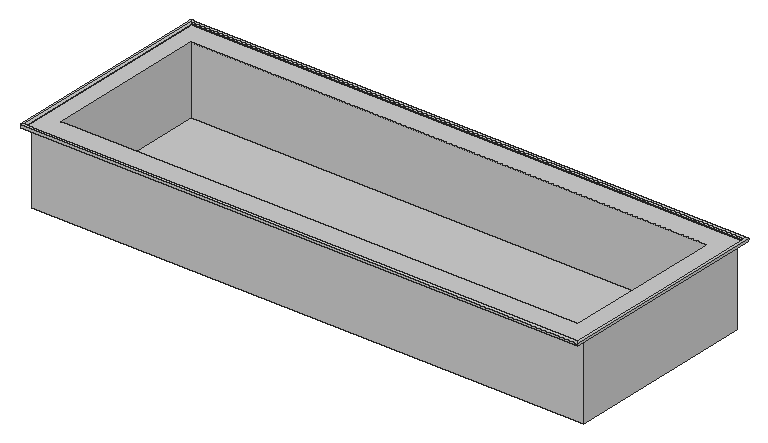
Revit family "QF_VOLLRATH_36453", category Specialty Equipment, Revit 2016
Family settings
  Part Type = Normal
  Round Connector Dimension = Use Diameter
  OmniClass Number = 23.40.40.14.24.14
  OmniClass Title = Service Line Equipment
  Work Plane-Based = Yes
  Always vertical = Yes
  Cut with Voids When Loaded = Yes
  Shared = No
  Room Calculation Point = No
Parameters (values of type "36453")
  Weight in Pounds = 0
  Waste Water Discharge Temperature [instance] = 0 °F
  Waste Remarks = ""
  URL Cutsheet = "www.vollrathfoodservice.com/downloads/52674/SPCDrop-inNonRefrigColdPanL35511en20210625-pdf"
  URL = "www.vollrathfoodservice.com"
  Status [instance] = ""
  Specification by User [instance] = ""
  Specification by Manufacturer = ""
  Serial Number = ""
  Seismic Rating = ""
  SMACNA No = ""
  Revision Code [instance] = ""
  Plumbing Remarks [instance] = ""
  Plumbing Connection Type [instance] = ""
  NAFEM Spec ID Number = ""
  Model = "36453"
  Masterspec = ""
  Manufacturer = "VOLLRATH US"
  Item Number [instance] = ""
  Installed By [instance] = ""
  Identify Quantity as Lot [instance] = no
  Furnished By [instance] = ""
  Foodservice Equipment Identifier [instance] = yes
  Direct Waste Size = 1"
  Direct Waste RI Height = 0"
  Direct Waste Flow = 0 GPM
  Direct Waste Connection Height = 0"
  Description = "FIVE-WELL NONREFRIGERATED COLD WELL"
  Default Elevation = 0"
  CSI MasterFormat = ""
  Author = ""
  Assembly Code = "E1090320"
Reference planes (in)
  plane 1 "Back": y = 0
  plane 2: z = 0
  plane 3 "Left": x = 0
  plane 4 "Front": y = -26
  plane 5 "Top": z = 0
  plane 6 "Right": x = 68
Forms (in)
  Extrusion 1, void
    sketch origin (0, 0, 0) x (1, 0, 0) y (0, 1, 0)
      loop
        line (67.625, -0.375) -> (0.375, -0.375) -> (0.375, -25.625) -> (67.625, -25.625) -> (67.625, -0.375)
    from 3.27425 to -9.1875
  Extrusion 2, solid
    sketch origin (21, -4, 1.5625) x (1, 0, 0) y (0, 1, 0)
      loop
        circle (13, -9) r 0.5
      loop
        circle (13, -9) r 0.75
    from -9.68 to -10.75
  Extrusion 3, solid
    sketch origin (0, 0, 2.125) x (1, 0, 0) y (0, 1, 0)
      loop
        line (65.5, -3.0625) -> (2.5, -3.0625) -> (2.5, -22.9375) -> (65.5, -22.9375) -> (65.5, -3.0625)
      loop
        circle (34, -13) r 0.75
    from -11.3125 to -10.2425
  Extrusion 4, solid
    sketch origin (0, 0, 0) x (1, 0, 0) y (0, 1, 0)
      loop
        line (0.625, -0.625) -> (0.625, -25.375) -> (67.375, -25.375) -> (67.375, -0.625) -> (0.625, -0.625)
      loop
        line (2.5, -3.0625) -> (2.5, -22.9375) -> (65.5, -22.9375) -> (65.5, -3.0625) -> (2.5, -3.0625)
    from 0 to 0.14643
  Extrusion 5, solid
    sketch origin (0, 0, 0) x (1, 0, 0) y (0, 1, 0)
      loop
        line (2.5, -3.0625) -> (2.5, -22.9375) -> (65.5, -22.9375) -> (65.5, -3.0625) -> (2.5, -3.0625)
      loop
        line (0.375, -24.6875) -> (67.625, -24.6875) -> (67.625, -1.3125) -> (0.375, -1.3125) -> (0.375, -24.6875)
    from -9.1875 to 0
  Sweep 6, solid
    path origin (0, 0, 0) x (1, 0, 0) y (0, 1, 0)
      loop
        line (0.34375, -0.34375) -> (0.34375, -25.65625) -> (67.65625, -25.65625) -> (67.65625, -0.34375) -> (0.34375, -0.34375)
    profile origin (34, -0.34375, 0) x (0, 1, 0) y (0, 0, 1)
      loop
        line (0.34375, 0) -> (0.34375, 0.24548)
        arc (0.34375, 0.24548) -> (0.25632, 0.36797) -> (0.11207, 0.3251) r 0.12952
        line (0.11207, 0.3251) -> (0.00446, 0.18703)
        arc (0.00446, 0.18703) -> (-0.03241, 0.15713) -> (-0.07866, 0.14643) r 0.10539
        line (-0.07866, 0.14643) -> (-0.28125, 0.14643) -> (-0.28125, 0) -> (0.34375, 0)
Cuts and joins
  joined: Extrusion 3, Extrusion 4, Extrusion 5, Sweep 6
Lines and regions (in)
  symbolic lines, style "200-EquipBorder-2D"
    curve 1: line (68, 0, 0) -> (0, 0, 0)
    curve 2: line (68, -26, 0) -> (68, 0, 0)
    curve 3: line (0, 0, 0) -> (0, -26, 0)
    curve 8: line (0, -26, 0) -> (68, -26, 0)
  symbolic lines, style "200-EquipInternal-2D"
    curve 4: line (65.5, -3.0625, 0) -> (2.5, -3.0625, 0)
    curve 5: line (65.5, -22.9375, 0) -> (65.5, -3.0625, 0)
    curve 6: line (2.5, -22.9375, 0) -> (65.5, -22.9375, 0)
    curve 7: line (2.5, -3.0625, 0) -> (2.5, -22.9375, 0)
    curve 9: arc (33.5, -13, 0) -> (34, -12.5, 0) -> (34.5, -13, 0) r 0.5
    curve 10: arc (34.5, -13, 0) -> (34, -13.5, 0) -> (33.5, -13, 0) r 0.5
    curve 11: arc (33.25, -13, 0) -> (34, -12.25, 0) -> (34.75, -13, 0) r 0.75
    curve 12: arc (34.75, -13, 0) -> (34, -13.75, 0) -> (33.25, -13, 0) r 0.75
Dimensions and locks (in)
  plane 3 "Left" to plane 6 "Right" = 68"
  plane 4 "Front" to plane 1 "Back" = 26"
  aligned and locked: level to plane 2
Connectors (in)
  piping at (34, -13, -9.1875), diameter 1, driven by "Direct Waste Flow", driven by "Direct Waste Size"
    settings: on cut or joined group of Extrusion 3, Extrusion 4, Extrusion 5, Sweep 6, index 1, connector inside diameter 24", connector length 0", flow factor 0, pipe flow 0 GPM, pressure drop 0.00 psi, fitting loss kfactor 0, connector angle 0.00°, fixture units 0, engagement length 0", angle of deflection 0.00°, flow configuration 1, flow direction 2, fitting loss method 0, system type 16, joint type 0, gender type 0, connector reference index -1, connector utility 0, adjustable connector no, is connector primary yes, connector description "Drain"
